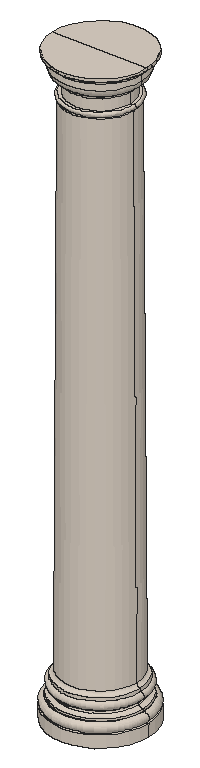
Revit family "Column Doric", category 기둥, Revit 2026
Family settings
  로드될 때 보이드를 사용하여 절단 = 아니오
  자동으로 형상을 벽에 결합합니다 = 예
  공유 = 아니오
  평면도에서 미리 절단된 패밀리 표시 = 예
Parameters (values of type "Base 650 x 650")
  Pedestal = 30 cm
  Material = Masonry - Stone Cill
  제조업체 = "Revit"
  키노트 = "F"
  Column Body = 300 cm
  Capitel = 30 cm
  Width = 65 cm
  Depth = 65 cm
Reference planes (cm)
  plane 1 "Centro A/I": y = 0
  plane 2: z = 40
  plane 3 "Centro S/D": x = -0.8378
  plane 4 "Sinistra": x = -33.3378
  plane 5 "Destra": x = 31.6622
  plane 6 "Indietro": y = 32.5
  plane 7 "Avanti": y = -32.5
  plane 8: z = 148
  plane 9: y = 0
  plane 10: z = 370
  plane 11: z = 70
Forms (cm)
  Revolve 1, solid, material "Masonry - Stone Cill" <- "Material"
    sketch origin (0, 0, 0) x (1, 0, 0) y (0, 0, 1)
      loop
        line (-0.8378, 29.8184) -> (-0.8378, 0) -> (31.6622, 0) -> (31.6622, 8) -> (28.5372, 8)
        arc (28.5372, 8) -> (31.6622, 11.125) -> (28.5372, 14.25) r 3.125
        line (28.5372, 14.25) -> (28.0372, 14.25) -> (28.0372, 15.5)
        arc (28.0372, 15.5) -> (26.1753, 15.9223) -> (24.655, 17.0771) r 4.5094
        arc (24.655, 17.0771) -> (24.5472, 18.588) -> (25.9095, 19.25) r 1.3515
        line (25.9095, 19.25) -> (25.9095, 20.3884)
        arc (25.9095, 20.3884) -> (28.2153, 22.6942) -> (25.9095, 25) r 2.3058
        line (25.9095, 25) -> (25.9095, 27)
        arc (25.9095, 27) -> (23.9166, 27.8255) -> (23.0911, 29.8184) r 2.8184
        line (23.0911, 29.8184) -> (-0.8378, 29.8184)
      axis (-0.8378, 29.8184) -> (-0.8378, 0)
    angle from 0 to 360
  Blend 2, solid, material "Masonry - Stone Cill" <- "Material"
    base sketch origin (0, 0, 0) x (1, 0, 0) y (0, 1, 0)
      loop
        circle (-0.8378, 0) r 24.323
    top sketch origin (0, 0, 0) x (1, 0, 0) y (0, 1, 0)
      loop
        circle (-0.8378, 0) r 22.5092
    from 29.8184 to 371.25
  Revolve 3, solid, material "Masonry - Stone Cill" <- "Material"
    sketch origin (0, 0, 1.4316) x (1, 0, 0) y (0, 0, 1)
      loop
        line (-0.8378, 369.8184) -> (21.6622, 369.8184) -> (21.6622, 371.0937)
        arc (21.6622, 371.0937) -> (22.8995, 372.331) -> (21.6622, 373.5684) r 1.2374
        line (21.6622, 373.5684) -> (19.4122, 373.5684) -> (19.4122, 381.5684) -> (20.6622, 381.5684)
        arc (20.6622, 381.5684) -> (21.1691, 382.6341) -> (22.1306, 383.3184) r 2.3469
        line (22.1306, 383.3184) -> (22.1306, 384.3147)
        arc (22.1306, 384.3147) -> (25.5495, 386.1943) -> (26.6772, 389.9293) r 5.163
        line (26.6772, 389.9293) -> (27.1898, 389.9293) -> (27.1898, 394.3184) -> (27.6622, 394.3184)
        arc (27.6622, 394.3184) -> (28.0898, 395.2745) -> (28.9571, 395.8617) r 1.9115
        arc (28.9571, 395.8617) -> (29.4438, 396.3968) -> (29.6639, 397.0859) r 1.7002
        line (29.6639, 397.0859) -> (30.6157, 397.0859) -> (30.6157, 398.5684) -> (-0.8378, 398.5684) -> (-0.8378, 369.8184)
      axis (-0.8378, 398.5684) -> (-0.8378, 369.8184)
    angle from 0 to 360
Dimensions and locks (cm)
  equal spacing: plane 4 "Sinistra", plane 3 "Centro S/D", plane 5 "Destra"
  equal spacing: plane 7 "Avanti", plane 1 "Centro A/I", plane 6 "Indietro"
  "Width": plane 4 "Sinistra" to plane 5 "Destra"
  "Depth": plane 7 "Avanti" to plane 6 "Indietro"
  "Capitel": level to plane 10
  "Pedestal": plane 11 to plane 2
  "Column Body": plane 10 to plane 11
  aligned and locked: Blend 2 to Revolve 3
Automatic sketch dimensions
  Blend 2 sketch curve to plane 1 "Centro A/I" = 0 cm  (x2)
  Blend 2 sketch curve to plane 3 "Centro S/D" = 0 cm  (x2)
  Blend 2 sketch curve to plane 4 "Sinistra" = 8.177 cm
  Blend 2 sketch curve to plane 4 "Sinistra" = 9.9908 cm
  Revolve 1 sketch curve to level = 0 cm  (x2)
  Revolve 1 sketch curve to plane 3 "Centro S/D" = 0 cm  (x2)
  Revolve 1 sketch curve to plane 5 "Destra" = 0 cm
  plane 5 "Destra" to Revolve 1 sketch curve = 8.5711 cm
  plane 5 "Destra" to Revolve 1 sketch curve = 7.0072 cm
  Revolve 1 sketch curve to Revolve 1 sketch curve = 1.0626 cm
  Revolve 1 sketch curve to Revolve 1 sketch curve = 0.1919 cm
  Revolve 1 sketch curve to Revolve 1 sketch curve = 2.3195 cm
  Revolve 1 sketch curve to Revolve 1 sketch curve = 2.1715 cm
  Revolve 1 sketch curve to Revolve 1 sketch curve = 0.5 cm
  level to Revolve 1 sketch curve = 8 cm
  Revolve 1 sketch curve to Revolve 1 sketch curve = 3.125 cm
  Revolve 1 sketch curve to Revolve 1 sketch curve = 1.25 cm
  Revolve 1 sketch curve to Revolve 1 sketch curve = 1.5771 cm
  Revolve 1 sketch curve to Revolve 1 sketch curve = 0.8351 cm
  Revolve 1 sketch curve to Revolve 1 sketch curve = 1.1384 cm
  Revolve 1 sketch curve to Revolve 1 sketch curve = 2.3058 cm
  Revolve 1 sketch curve to Revolve 1 sketch curve = 2 cm
  Revolve 1 sketch curve to Revolve 1 sketch curve = 0 cm
  Revolve 3 sketch curve to plane 3 "Centro S/D" = 0 cm  (x2)
  plane 5 "Destra" to Revolve 3 sketch curve = 12.25 cm
  Revolve 3 sketch curve to Revolve 3 sketch curve = 1.25 cm
  Revolve 3 sketch curve to Revolve 3 sketch curve = 0.875 cm
  Revolve 3 sketch curve to Revolve 3 sketch curve = 2.25 cm
  Revolve 3 sketch curve to Revolve 3 sketch curve = 1.4684 cm
  Revolve 3 sketch curve to Revolve 3 sketch curve = 2.3047 cm
  plane 5 "Destra" to Revolve 3 sketch curve = 4.9849 cm
  Revolve 3 sketch curve to Revolve 3 sketch curve = 0.5126 cm
  Revolve 3 sketch curve to Revolve 3 sketch curve = 0.4723 cm
  Revolve 3 sketch curve to Revolve 3 sketch curve = 0.3092 cm
  Revolve 3 sketch curve to Revolve 3 sketch curve = 0.9857 cm
  Revolve 3 sketch curve to Revolve 3 sketch curve = 0.597 cm
  Revolve 3 sketch curve to Revolve 3 sketch curve = 0.7068 cm
  plane 5 "Destra" to Revolve 3 sketch curve = 1.0465 cm
  Revolve 3 sketch curve to Revolve 3 sketch curve = 1.4825 cm
  Revolve 3 sketch curve to Revolve 3 sketch curve = 1.5433 cm
  Revolve 3 sketch curve to Revolve 3 sketch curve = 4.3891 cm
  Revolve 3 sketch curve to Revolve 3 sketch curve = 0.4859 cm
  Revolve 3 sketch curve to Revolve 3 sketch curve = 0.9962 cm
  Revolve 3 sketch curve to Revolve 3 sketch curve = 1.75 cm
  Revolve 3 sketch curve to Revolve 3 sketch curve = 8 cm
  Revolve 3 sketch curve to Revolve 3 sketch curve = 1.2374 cm
  Revolve 3 sketch curve to Revolve 3 sketch curve = 3.75 cm
  Revolve 3 sketch curve to Revolve 3 sketch curve = 0 cm  (x2)
  Revolve 3 sketch curve to level = 28.75 cm
  Revolve 3 sketch curve to Revolve 3 sketch curve = 1.2242 cm
